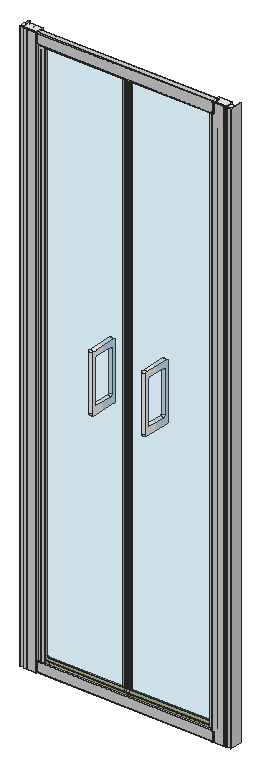
Revit family "TOPP2", category Plumbing Fixtures, Revit 2015
Parameters (values of type "700")
  URL = "http://www.sanswiss.com/"
  Type Comments = "TOP LINE"
  Seal = Seal
  Profile = Profile
  Model = "TOPP2"
  Manufacturer = "SanSwiss"
  Glass = Glass
  Aluminum = Aluminum
  A = 700 mm
Types (5, lengths in mm): name | A
  700 | 700
  1000 | 1000
  900 | 900
  750 | 750
  800 | 800
Reference planes
  plane 1 "Center (Front/Back)": y = 0
  plane 2: z = 0
  plane 3 "Center (Left/Right)": x = 0
  plane 4 "koniec": x = 700
  plane 5 "środek": x = 350
  plane 6: x = 693.077
  plane 7: x = 637.812
  plane 8: x = 622.997
  plane 9: x = 641.711
  plane 10: x = 621.994
  plane 11: x = 342.188
  plane 12: x = 357.788
  plane 13: x = 268.688
  plane 14: x = 431.288
  plane 15: x = 698.5
  plane 16: x = 645
Forms (mm)
  Sweep 1, solid, material "Profile" <- "Profile"
    path origin (0, 12.3, 2.5) x (0, 1, 0) y (0, 0, 1)
      loop
        line (0, 1898) -> (0, -2)
    profile origin (0, 12.3, 950.5) x (1, 0, 0) y (0, 1, 0)
      loop
        line (1.457, -9) -> (36.458, -9)
        arc (36.458, -9) -> (37.519, -8.561) -> (37.958, -7.5) r 1.5
        line (37.958, -7.5) -> (37.958, 7.5)
        arc (37.958, 7.5) -> (37.519, 8.561) -> (36.458, 9) r 1.5
        line (36.458, 9) -> (2.518, 9)
        arc (2.518, 9) -> (1.798, 9.298) -> (1.5, 10.018) r 1.018
        line (1.5, 10.018) -> (1.5, 27.3)
        arc (1.5, 27.3) -> (1.061, 28.361) -> (0, 28.8) r 1.5
        line (0, 28.8) -> (0, -7.543)
        arc (0, -7.543) -> (0.427, -8.573) -> (1.457, -9) r 1.457
  Sweep 2, solid, material "Profile" <- "Profile"
    path origin (0, 12.3, 2.5) x (0, 1, 0) y (0, 0, 1)
      loop
        line (0, 1900) -> (0, -2)
    profile origin (0, 12.3, 951.5) x (1, 0, 0) y (0, 1, 0)
      loop
        line (14.5, 9) -> (16, 9) -> (16, 10.8) -> (22.8, 10.8) -> (22.8, 9.2) -> (24.3, 9.2) -> (24.3, 10.8) -> (53.5, 10.8) -> (53.5, 5.5) -> (52.2, 5.5)
        arc (52.2, 5.5) -> (50.998, 5.002) -> (50.5, 3.8) r 1.7
        line (50.5, 3.8) -> (50.5, -10.8) -> (24.3, -10.8) -> (24.3, -9.2) -> (22.8, -9.2) -> (22.8, -10.8) -> (16, -10.8) -> (16, -9) -> (14.5, -9) -> (14.5, -10.8)
        arc (14.5, -10.8) -> (14.939, -11.861) -> (16, -12.3) r 1.5
        line (16, -12.3) -> (57.75, -12.3)
        arc (57.75, -12.3) -> (58.5, -11.55) -> (57.75, -10.8) r 0.75
        line (57.75, -10.8) -> (55, -10.8) -> (55, 10.8) -> (57.75, 10.8)
        arc (57.75, 10.8) -> (58.5, 11.55) -> (57.75, 12.3) r 0.75
        line (57.75, 12.3) -> (16, 12.3)
        arc (16, 12.3) -> (14.939, 11.861) -> (14.5, 10.8) r 1.5
        line (14.5, 10.8) -> (14.5, 9)
  Sweep 3, solid, material "Profile" <- "Profile"
    path origin (0, 0, 0) x (0, 1, 0) y (0, 0, 1)
      loop
        line (11.956, 1872) -> (11.956, 31)
    profile origin (0, 11.956, 951.5) x (1, 0, 0) y (0, 1, 0)
      loop
        line (69.875, 4.344) -> (75.346, 4.344)
        arc (75.346, 4.344) -> (75.852, 4.606) -> (75.931, 5.171) r 0.62
        arc (75.931, 5.171) -> (56.48, 1.825) -> (75.944, -1.445) r 10.01
        arc (75.944, -1.445) -> (75.867, -0.906) -> (75.382, -0.656) r 0.594
        line (75.382, -0.656) -> (69.875, -0.656)
        arc (69.875, -0.656) -> (62.188, 1.844) -> (69.875, 4.344) r 4.25
  Sweep 4, solid, material "Seal" <- "Seal"
    path origin (0, 0, 0) x (0, 1, 0) y (0, 0, 1)
      loop
        line (12.581, 1872) -> (12.581, 31)
    profile origin (0, 12.581, 951.5) x (1, 0, 0) y (0, 1, 0)
      loop
        line (55, 10.519) -> (55, -10.158) -> (62.742, -9.355)
        arc (62.742, -9.355) -> (63.121, -9.139) -> (63.217, -8.714) r 0.541
        arc (63.217, -8.714) -> (55.733, -0.542) -> (60.015, 9.678) r 10.281
        line (60.015, 9.678) -> (61.181, 9.706)
        arc (61.181, 9.706) -> (62.131, 10.244) -> (63.144, 10.65) r 8.177
        line (63.144, 10.65) -> (57.75, 10.519) -> (55, 10.519)
  Extrusion 5, solid, material "Glass" <- "Glass"
    sketch origin (-175.162, 1.619, 0) x (0, -1, 0) y (1, 0, 0)
      loop
        line (-14.681, 517.351) -> (-14.681, 237.35) -> (-9.681, 237.35) -> (-9.681, 517.351) -> (-14.681, 517.351)
    from 43.5 to 1857
  Sweep 6, solid, material "Seal" <- "Seal"
    path origin (342.188, 11.3, 0) x (0, 1, 0) y (0, 0, 1)
      loop
        line (1.405, 1857) -> (1.405, 52)
    profile origin (342.188, 12.705, 954.5) x (1, 0, 0) y (0, 1, 0)
      loop
        line (-6.168, 3.552) -> (-0.295, 4.377)
        arc (-0.295, 4.377) -> (0.423, 4.191) -> (0.8, 3.552) r 0.97
        line (0.8, 3.552) -> (0.8, -1.369)
        arc (0.8, -1.369) -> (0.423, -2.008) -> (-0.295, -2.194) r 0.97
        line (-0.295, -2.194) -> (-6.168, -1.369)
        arc (-6.168, -1.369) -> (-6.132, -2.181) -> (-5.479, -2.666) r 0.947
        line (-5.479, -2.666) -> (-0.512, -3.386)
        arc (-0.512, -3.386) -> (0.047, -3.395) -> (0.591, -3.263) r 2.201
        arc (0.591, -3.263) -> (2.489, -4.833) -> (4.884, -5.412) r 5.475
        arc (4.884, -5.412) -> (6.911, -4.812) -> (7.788, -2.888) r 2.549
        line (7.788, -2.888) -> (7.788, 5.071)
        arc (7.788, 5.071) -> (6.911, 6.995) -> (4.884, 7.595) r 2.549
        arc (4.884, 7.595) -> (2.489, 7.016) -> (0.591, 5.446) r 5.475
        arc (0.591, 5.446) -> (0.047, 5.578) -> (-0.512, 5.569) r 2.201
        line (-0.512, 5.569) -> (-5.479, 4.849)
        arc (-5.479, 4.849) -> (-6.132, 4.364) -> (-6.168, 3.552) r 0.947
  Extrusion 7, solid, material "Glass" <- "Glass"
    sketch origin (1075.162, 1.619, 0) x (0, 1, 0) y (-1, 0, 0)
      loop
        line (14.681, 717.374) -> (9.681, 717.374) -> (9.681, 437.35) -> (14.681, 437.35) -> (14.681, 717.374)
    from 43.5 to 1857
  Extrusion 8, solid, material "Aluminum" <- "Aluminum"
    sketch origin (0, 0, 0) x (1, 0, 0) y (0, 1, 0)
      loop
        line (34, 4.809) -> (34, 19.786)
        arc (34, 19.786) -> (33.557, 20.857) -> (32.486, 21.3) r 1.514
        line (32.486, 21.3) -> (1.499, 21.3)
        arc (1.499, 21.3) -> (0.439, 20.861) -> (0, 19.801) r 1.499
        line (0, 19.801) -> (0, 4.811)
        arc (0, 4.811) -> (0.443, 3.743) -> (1.511, 3.3) r 1.511
        line (1.511, 3.3) -> (32.491, 3.3)
        arc (32.491, 3.3) -> (33.558, 3.742) -> (34, 4.809) r 1.509
    from 1900.5 to 1901.5
  Extrusion 9, solid, material "Aluminum" <- "Aluminum"
    sketch origin (0, 0, 0) x (1, 0, 0) y (0, 1, 0)
      loop
        line (57.68, 24.6) -> (16.035, 24.6)
        arc (16.035, 24.6) -> (14.95, 24.15) -> (14.5, 23.065) r 1.535
        line (14.5, 23.065) -> (14.5, 21.214)
        arc (14.5, 21.214) -> (13.134, 21.025) -> (12.5, 19.8) r 1.5
        line (12.5, 19.8) -> (12.5, 4.8)
        arc (12.5, 4.8) -> (13.134, 3.575) -> (14.5, 3.386) r 1.5
        line (14.5, 3.386) -> (14.5, 1.474)
        arc (14.5, 1.474) -> (14.932, 0.432) -> (15.974, 0) r 1.474
        line (15.974, 0) -> (57.668, 0)
        arc (57.668, 0) -> (58.256, 0.244) -> (58.5, 0.832) r 0.832
        line (58.5, 0.832) -> (58.5, 23.78)
        arc (58.5, 23.78) -> (58.26, 24.36) -> (57.68, 24.6) r 0.82
    from 1902.5 to 1905
  Extrusion 10, solid, material "Profile" <- "Profile"
    sketch origin (751.265, 9.581, 1884.563) x (0, 0, -1) y (0, -1, 0)
      loop
        line (16.663, 8.081) -> (-16.898, 8.081)
        arc (-16.898, 8.081) -> (-17.633, 7.776) -> (-17.937, 7.041) r 1.04
        line (-17.937, 7.041) -> (-17.937, -8.904)
        arc (-17.937, -8.904) -> (-17.64, -9.622) -> (-16.922, -9.919) r 1.015
        line (-16.922, -9.919) -> (10.045, -9.919)
        arc (10.045, -9.919) -> (10.66, -9.711) -> (11.02, -9.171) r 1.01
        line (11.02, -9.171) -> (12.342, -4.239)
        arc (12.342, -4.239) -> (12.507, -3.407) -> (12.563, -2.56) r 6.486
        line (12.563, -2.56) -> (12.563, 6.281) -> (16.663, 6.281)
        arc (16.663, 6.281) -> (17.563, 7.181) -> (16.663, 8.081) r 0.9
    from 106.265 to 696.265
  Extrusion 11, solid, material "Profile" <- "Profile"
    sketch origin (751.265, 9.581, 18.437) x (0, 0, 1) y (0, 1, 0)
      loop
        arc (16.663, -8.081) -> (17.563, -7.181) -> (16.663, -6.281) r 0.9
        line (16.663, -6.281) -> (12.563, -6.281) -> (12.563, 3.414) -> (11.02, 9.171)
        arc (11.02, 9.171) -> (10.66, 9.711) -> (10.045, 9.919) r 1.01
        line (10.045, 9.919) -> (-16.922, 9.919)
        arc (-16.922, 9.919) -> (-17.64, 9.622) -> (-17.937, 8.904) r 1.015
        line (-17.937, 8.904) -> (-17.937, -7.041)
        arc (-17.937, -7.041) -> (-17.633, -7.776) -> (-16.898, -8.081) r 1.04
        line (-16.898, -8.081) -> (16.663, -8.081)
    from 106.265 to 696.265
  Extrusion 12, solid, material "Seal" <- "Seal"
    sketch origin (836, 16.075, 39.524) x (0, 0, 1) y (0, -1, 0)
      loop
        line (1.917, -3.558) -> (-13.17, -5.327)
        arc (-13.17, -5.327) -> (-13.521, -5.771) -> (-13.077, -6.121) r 0.4
        line (-13.077, -6.121) -> (1.54, -4.408)
        arc (1.54, -4.408) -> (1.988, -4.593) -> (2.173, -5.041) r 0.633
        line (2.173, -5.041) -> (1.607, -7.261)
        arc (1.607, -7.261) -> (2.076, -8.051) -> (2.866, -7.582) r 0.65
        line (2.866, -7.582) -> (4.256, -2.137)
        arc (4.256, -2.137) -> (4.465, -1.803) -> (4.83, -1.652) r 0.648
        line (4.83, -1.652) -> (11.736, -1.074)
        arc (11.736, -1.074) -> (12.33, -0.372) -> (11.628, 0.222) r 0.65
        line (11.628, 0.222) -> (1.561, -0.62)
        arc (1.561, -0.62) -> (0.8, -0.36) -> (0.476, 0.378) r 1.002
        line (0.476, 0.378) -> (0.476, 4.593)
        arc (0.476, 4.593) -> (0.794, 5.317) -> (1.542, 5.574) r 0.984
        line (1.542, 5.574) -> (12.003, 4.699)
        arc (12.003, 4.699) -> (12.705, 5.292) -> (12.112, 5.994) r 0.65
        line (12.112, 5.994) -> (2.047, 6.836) -> (1.218, 6.859)
        arc (1.218, 6.859) -> (-0.239, 6.107) -> (-0.824, 4.576) r 2.297
        line (-0.824, 4.576) -> (-0.824, 3.078)
        arc (-0.824, 3.078) -> (-2.089, 2.679) -> (-3.401, 2.876) r 2.942
        line (-3.401, 2.876) -> (-11.579, 2.876) -> (-11.793, 2.076) -> (-3.401, 2.076)
        arc (-3.401, 2.076) -> (-2.089, 2.273) -> (-0.824, 1.874) r 2.942
        line (-0.824, 1.874) -> (-0.824, 0.376)
        arc (-0.824, 0.376) -> (-0.239, -1.156) -> (1.218, -1.907) r 2.297
        arc (1.218, -1.907) -> (1.755, -2.653) -> (1.917, -3.558) r 2.076
    from -486 to -213.003
  Extrusion 13, solid, material "Aluminum" <- "Aluminum"
    sketch origin (899.994, 0, 0) x (-1, 0, 0) y (0, -1, 0)
      loop
        arc (234, -4.809) -> (233.558, -3.742) -> (232.491, -3.3) r 1.509
        line (232.491, -3.3) -> (201.511, -3.3)
        arc (201.511, -3.3) -> (200.443, -3.743) -> (200, -4.811) r 1.511
        line (200, -4.811) -> (200, -19.801)
        arc (200, -19.801) -> (200.439, -20.861) -> (201.499, -21.3) r 1.499
        line (201.499, -21.3) -> (232.486, -21.3)
        arc (232.486, -21.3) -> (233.557, -20.857) -> (234, -19.786) r 1.514
        line (234, -19.786) -> (234, -4.809)
    from 1900.5 to 1901.5
  Extrusion 14, solid, material "Aluminum" <- "Aluminum"
    sketch origin (899.994, 0, 0) x (-1, 0, 0) y (0, -1, 0)
      loop
        arc (257.68, -24.6) -> (258.26, -24.36) -> (258.5, -23.78) r 0.82
        line (258.5, -23.78) -> (258.5, -0.832)
        arc (258.5, -0.832) -> (258.256, -0.244) -> (257.668, 0) r 0.832
        line (257.668, 0) -> (215.974, 0)
        arc (215.974, 0) -> (214.932, -0.432) -> (214.5, -1.474) r 1.474
        line (214.5, -1.474) -> (214.5, -3.386)
        arc (214.5, -3.386) -> (213.134, -3.575) -> (212.5, -4.8) r 1.5
        line (212.5, -4.8) -> (212.5, -19.8)
        arc (212.5, -19.8) -> (213.134, -21.025) -> (214.5, -21.214) r 1.5
        line (214.5, -21.214) -> (214.5, -23.065)
        arc (214.5, -23.065) -> (214.95, -24.15) -> (216.035, -24.6) r 1.535
        line (216.035, -24.6) -> (257.68, -24.6)
    from 1902.5 to 1905
  Extrusion 15, solid, material "Aluminum" <- "Aluminum"
    sketch origin (1.5, 22.318, 1900.5) x (0, 0, -1) y (0, 1, 0)
      loop
        circle (100, 8.982) r 6.734
    from 0 to 5.417
  Extrusion 16, solid, material "Aluminum" <- "Aluminum"
    sketch origin (1.5, 22.318, 1051.472) x (0, 0, -1) y (0, 1, 0)
      loop
        circle (102, 8.982) r 6.734
    from 0 to 5.417
  Extrusion 17, solid, material "Aluminum" <- "Aluminum"
    sketch origin (1.5, 22.318, 202.454) x (0, 0, -1) y (0, 1, 0)
      loop
        circle (102, 8.982) r 6.734
    from 0 to 5.417
  Extrusion 18, solid, material "Aluminum" <- "Aluminum"
    sketch origin (898.494, 22.318, 1898) x (0, 0, -1) y (0, -1, 0)
      loop
        circle (100, -8.982) r 6.734
    from 199.994 to 205.418
  Extrusion 19, solid, material "Aluminum" <- "Aluminum"
    sketch origin (898.494, 22.318, 1048.972) x (0, 0, -1) y (0, -1, 0)
      loop
        circle (100, -8.982) r 6.734
    from 199.994 to 205.418
  Extrusion 20, solid, material "Aluminum" <- "Aluminum"
    sketch origin (898.494, 22.318, 199.954) x (0, 0, -1) y (0, -1, 0)
      loop
        circle (100, -8.982) r 6.734
    from 199.994 to 205.418
  Sweep 21, solid, material "Profile" <- "Profile"
    path origin (700, 0, 2.5) x (0, 1, 0) y (0, 0, 1)
      loop
        line (7.753, 1898) -> (7.753, -2)
    profile origin (700, 7.753, 950.5) x (1, 0, 0) y (0, 1, 0)
      loop
        arc (-1.457, -4.453) -> (-0.427, -4.027) -> (0, -2.996) r 1.457
        line (0, -2.996) -> (0, 33.347)
        arc (0, 33.347) -> (-1.061, 32.907) -> (-1.5, 31.847) r 1.5
        line (-1.5, 31.847) -> (-1.5, 14.564)
        arc (-1.5, 14.564) -> (-1.798, 13.845) -> (-2.518, 13.547) r 1.018
        line (-2.518, 13.547) -> (-36.458, 13.547)
        arc (-36.458, 13.547) -> (-37.519, 13.107) -> (-37.958, 12.047) r 1.5
        line (-37.958, 12.047) -> (-37.958, -2.953)
        arc (-37.958, -2.953) -> (-37.519, -4.014) -> (-36.458, -4.453) r 1.5
        line (-36.458, -4.453) -> (-1.457, -4.453)
  Sweep 22, solid, material "Profile" <- "Profile"
    path origin (700, 0, 2.5) x (0, 1, 0) y (0, 0, 1)
      loop
        line (8.3, 1900) -> (8.3, -2)
    profile origin (700, 8.3, 951.5) x (1, 0, 0) y (0, 1, 0)
      loop
        line (-14.5, 13) -> (-14.5, 14.8)
        arc (-14.5, 14.8) -> (-14.939, 15.861) -> (-16, 16.3) r 1.5
        line (-16, 16.3) -> (-57.75, 16.3)
        arc (-57.75, 16.3) -> (-58.5, 15.55) -> (-57.75, 14.8) r 0.75
        line (-57.75, 14.8) -> (-55, 14.8) -> (-55, -6.8) -> (-57.75, -6.8)
        arc (-57.75, -6.8) -> (-58.5, -7.55) -> (-57.75, -8.3) r 0.75
        line (-57.75, -8.3) -> (-16, -8.3)
        arc (-16, -8.3) -> (-14.939, -7.861) -> (-14.5, -6.8) r 1.5
        line (-14.5, -6.8) -> (-14.5, -5) -> (-16, -5) -> (-16, -6.8) -> (-22.8, -6.8) -> (-22.8, -5.2) -> (-24.3, -5.2) -> (-24.3, -6.8) -> (-50.5, -6.8) -> (-50.5, 7.8)
        arc (-50.5, 7.8) -> (-50.998, 9.002) -> (-52.2, 9.5) r 1.7
        line (-52.2, 9.5) -> (-53.5, 9.5) -> (-53.5, 14.8) -> (-24.3, 14.8) -> (-24.3, 13.2) -> (-22.8, 13.2) -> (-22.8, 14.8) -> (-16, 14.8) -> (-16, 13) -> (-14.5, 13)
  Sweep 23, solid, material "Seal" <- "Seal"
    path origin (700, 0, 0) x (0, 1, 0) y (0, 0, 1)
      loop
        line (6.539, 1872) -> (6.539, 31)
    profile origin (700, 6.539, 951.5) x (1, 0, 0) y (0, 1, 0)
      loop
        line (-55, 16.561) -> (-57.75, 16.561) -> (-63.144, 16.692)
        arc (-63.144, 16.692) -> (-62.131, 16.286) -> (-61.181, 15.748) r 8.177
        line (-61.181, 15.748) -> (-60.015, 15.72)
        arc (-60.015, 15.72) -> (-55.733, 5.5) -> (-63.217, -2.672) r 10.281
        arc (-63.217, -2.672) -> (-63.121, -3.097) -> (-62.742, -3.314) r 0.541
        line (-62.742, -3.314) -> (-55, -4.117) -> (-55, 16.561)
  Sweep 24, solid, material "Profile" <- "Profile"
    path origin (700, 0, 0) x (0, 1, 0) y (0, 0, 1)
      loop
        line (8.358, 1872) -> (8.358, 31)
    profile origin (700, 8.358, 951.5) x (1, 0, 0) y (0, 1, 0)
      loop
        arc (-69.875, 7.942) -> (-62.188, 5.442) -> (-69.875, 2.942) r 4.25
        line (-69.875, 2.942) -> (-75.382, 2.942)
        arc (-75.382, 2.942) -> (-75.867, 2.692) -> (-75.944, 2.152) r 0.594
        arc (-75.944, 2.152) -> (-56.48, 5.422) -> (-75.931, 8.769) r 10.01
        arc (-75.931, 8.769) -> (-75.852, 8.204) -> (-75.346, 7.942) r 0.62
        line (-75.346, 7.942) -> (-69.875, 7.942)
  Sweep 25, solid, material "Seal" <- "Seal"
    path origin (350, 0, 0) x (0, -1, 0) y (0, 0, 1)
      loop
        line (-8.3, 1857) -> (-8.3, 52)
    profile origin (350, 8.3, 954.5) x (-1, 0, 0) y (0, -1, 0)
      loop
        arc (-13.957, -7.956) -> (-13.92, -8.769) -> (-13.267, -9.253) r 0.947
        line (-13.267, -9.253) -> (-8.3, -9.973)
        arc (-8.3, -9.973) -> (-7.741, -9.982) -> (-7.198, -9.851) r 2.201
        arc (-7.198, -9.851) -> (-5.299, -11.421) -> (-2.904, -12) r 5.475
        arc (-2.904, -12) -> (-0.877, -11.399) -> (0, -9.475) r 2.549
        line (0, -9.475) -> (0, -1.517)
        arc (0, -1.517) -> (-0.877, 0.407) -> (-2.904, 1.008) r 2.549
        arc (-2.904, 1.008) -> (-5.299, 0.429) -> (-7.198, -1.141) r 5.475
        arc (-7.198, -1.141) -> (-7.741, -1.009) -> (-8.3, -1.019) r 2.201
        line (-8.3, -1.019) -> (-13.267, -1.738)
        arc (-13.267, -1.738) -> (-13.92, -2.223) -> (-13.957, -3.036) r 0.947
        line (-13.957, -3.036) -> (-8.084, -2.21)
        arc (-8.084, -2.21) -> (-7.365, -2.396) -> (-6.988, -3.036) r 0.97
        line (-6.988, -3.036) -> (-6.988, -7.956)
        arc (-6.988, -7.956) -> (-7.365, -8.596) -> (-8.084, -8.782) r 0.97
        line (-8.084, -8.782) -> (-13.957, -7.956)
  Extrusion 26, solid, material "Seal" <- "Seal"
    sketch origin (-136, 16.075, 39.524) x (0, 0, 1) y (0, 1, 0)
      loop
        arc (1.917, 3.558) -> (1.755, 2.653) -> (1.218, 1.907) r 2.076
        arc (1.218, 1.907) -> (-0.239, 1.156) -> (-0.824, -0.376) r 2.297
        line (-0.824, -0.376) -> (-0.824, -1.874)
        arc (-0.824, -1.874) -> (-2.089, -2.273) -> (-3.401, -2.076) r 2.942
        line (-3.401, -2.076) -> (-11.793, -2.076) -> (-11.579, -2.876) -> (-3.401, -2.876)
        arc (-3.401, -2.876) -> (-2.089, -2.679) -> (-0.824, -3.078) r 2.942
        line (-0.824, -3.078) -> (-0.824, -4.576)
        arc (-0.824, -4.576) -> (-0.239, -6.107) -> (1.218, -6.859) r 2.297
        line (1.218, -6.859) -> (2.047, -6.836) -> (11.925, -6.01)
        arc (11.925, -6.01) -> (12.518, -5.308) -> (11.816, -4.714) r 0.65
        line (11.816, -4.714) -> (1.542, -5.574)
        arc (1.542, -5.574) -> (0.794, -5.317) -> (0.476, -4.593) r 0.984
        line (0.476, -4.593) -> (0.476, -0.378)
        arc (0.476, -0.378) -> (0.8, 0.36) -> (1.561, 0.62) r 1.002
        line (1.561, 0.62) -> (11.706, -0.228)
        arc (11.706, -0.228) -> (12.408, 0.365) -> (11.814, 1.067) r 0.65
        line (11.814, 1.067) -> (4.83, 1.652)
        arc (4.83, 1.652) -> (4.465, 1.803) -> (4.256, 2.137) r 0.648
        line (4.256, 2.137) -> (2.874, 7.554)
        arc (2.874, 7.554) -> (2.083, 8.023) -> (1.614, 7.233) r 0.65
        line (1.614, 7.233) -> (2.173, 5.041)
        arc (2.173, 5.041) -> (1.988, 4.593) -> (1.54, 4.408) r 0.633
        line (1.54, 4.408) -> (-13.077, 6.121)
        arc (-13.077, 6.121) -> (-13.521, 5.771) -> (-13.17, 5.327) r 0.4
        line (-13.17, 5.327) -> (1.917, 3.558)
    from -486 to -213.003
Dimensions and locks
  "A": plane 3 "Center (Left/Right)" to plane 4 "koniec"
  locked: plane 6 to plane 4 "koniec" at 6.923
  locked: plane 7 to plane 4 "koniec" at 62.188
  locked: plane 8 to plane 4 "koniec" at 77.003
  plane 10 to plane 9 to plane 4 "koniec" = 19.716 mm locked, 58.289 mm locked
  locked: plane 11 to plane 5 "środek" at 7.812
  locked: plane 5 "środek" to plane 12 at 7.788
  locked: plane 13 to plane 5 "środek" at 81.312
  locked: plane 5 "środek" to plane 14 at 81.288
  equal spacing: plane 3 "Center (Left/Right)", plane 5 "środek", plane 4 "koniec"
  locked: plane 15 to plane 4 "koniec" at 1.5
  locked: plane 16 to plane 4 "koniec" at 55
  aligned and locked: level to plane 2
  aligned and locked: plane 6 to Extrusion 19
  aligned and locked: plane 6 to Extrusion 20
  aligned and locked: plane 7 to Extrusion 7
  aligned and locked: plane 8 to Extrusion 12
  aligned and locked: Sweep 22 to Extrusion 11
  aligned and locked: Extrusion 5 to plane 11
  aligned and locked: plane 12 to Extrusion 7
  aligned and locked: plane 13 to nested 1
  aligned and locked: plane 14 to nested 2
  aligned and locked: Extrusion 19 to plane 15
  aligned and locked: Extrusion 20 to plane 15
  aligned and locked: plane 6 to Extrusion 18
  aligned and locked: Extrusion 18 to plane 15
  aligned and locked: Sweep 22 to plane 16
  aligned and locked: plane 16 to Extrusion 10
  aligned and locked: Extrusion 26 to plane 5 "środek"
  aligned and locked: plane 5 "środek" to Extrusion 12
Automatic sketch dimensions
  level to Sweep 1 sketch curve = 0.5 mm
  Sweep 1 sketch curve to plane 1 "Center (Front/Back)" = 12.3 mm
  level to Sweep 1 sketch curve = 1900.5 mm
  level to Sweep 2 sketch curve = 0.5 mm
  Sweep 2 sketch curve to plane 1 "Center (Front/Back)" = 12.3 mm
  level to Sweep 2 sketch curve = 1902.5 mm
  plane 3 "Center (Left/Right)" to Sweep 2 sketch curve = 14.5 mm  (x2)
  Sweep 2 sketch curve to Sweep 2 sketch curve = 1.5 mm  (x4)
  Sweep 2 sketch curve to Sweep 2 sketch curve = 0 mm  (x7)
  Sweep 2 sketch curve to Sweep 2 sketch curve = 6.8 mm  (x2)
  Sweep 2 sketch curve to Sweep 2 sketch curve = 26.2 mm
  Sweep 2 sketch curve to Sweep 2 sketch curve = 1.7 mm
  Sweep 2 sketch curve to Sweep 2 sketch curve = 1.3 mm
  Sweep 2 sketch curve to Sweep 2 sketch curve = 4.5 mm
  Sweep 2 sketch curve to Sweep 2 sketch curve = 2.75 mm  (x2)
  profile plane to Sweep 2 sketch curve = 12.3 mm
  Sweep 2 sketch curve to Sweep 2 sketch curve = 0.75 mm
  Sweep 2 sketch curve to Sweep 2 sketch curve = 1.6 mm
  Sweep 2 sketch curve to Sweep 2 sketch curve = 1.8 mm  (x2)
  Sweep 2 sketch curve to profile plane = 3.8 mm
  Sweep 2 sketch curve to profile plane = 9 mm
  Sweep 2 sketch curve to Sweep 2 sketch curve = 0.2 mm
  Sweep 3 sketch curve to plane 1 "Center (Front/Back)" = 11.956 mm
  level to Sweep 3 sketch curve = 31 mm
  Sweep 3 sketch curve to Sweep 3 sketch curve = 1841 mm
  Sweep 3 sketch curve to profile plane = 1.844 mm
  plane 3 "Center (Left/Right)" to Sweep 3 sketch curve = 66.438 mm
  Sweep 3 sketch curve to Sweep 3 sketch curve = 0.052 mm
  profile plane to Sweep 3 sketch curve = 0.656 mm
  Sweep 3 sketch curve to Sweep 3 sketch curve = 3.385 mm  (x2)
  Sweep 3 sketch curve to Sweep 3 sketch curve = 5.471 mm
  profile plane to Sweep 3 sketch curve = 1.25 mm
  Sweep 3 sketch curve to Sweep 3 sketch curve = 5.507 mm
  Sweep 3 sketch curve to Sweep 3 sketch curve = 0 mm  (x2)
  Sweep 3 sketch curve to Sweep 3 sketch curve = 0.62 mm
  Sweep 4 sketch curve to plane 1 "Center (Front/Back)" = 12.581 mm
  level to Sweep 4 sketch curve = 31 mm
  Sweep 4 sketch curve to Sweep 4 sketch curve = 1841 mm
  Sweep 4 sketch curve to profile plane = 9.678 mm
  Sweep 4 sketch curve to profile plane = 9.706 mm
  Sweep 4 sketch curve to Sweep 4 sketch curve = 1.166 mm
  profile plane to Sweep 4 sketch curve = 9.355 mm
  Sweep 4 sketch curve to Sweep 4 sketch curve = 0.056 mm
  Sweep 4 sketch curve to Sweep 4 sketch curve = 1.963 mm
  Sweep 4 sketch curve to profile plane = 2.875 mm
  Sweep 4 sketch curve to Sweep 4 sketch curve = 0.185 mm
  Extrusion 5 sketch curve to plane 11 = 0 mm
  Extrusion 5 sketch curve to plane 1 "Center (Front/Back)" = 16.3 mm
  Extrusion 5 sketch curve to Extrusion 5 sketch curve = 5 mm
  plane 3 "Center (Left/Right)" to Extrusion 5 sketch curve = 62.188 mm
  Extrusion 5 to Sweep 6 sketch curve = 0 mm
  Extrusion 5 to Sweep 6 sketch curve = 1.405 mm
  Extrusion 5 to Sweep 6 sketch curve = 8.5 mm
  Sweep 6 sketch curve to profile plane = 3.552 mm
  Sweep 6 sketch curve to profile plane = 6.168 mm
  profile plane to Sweep 6 sketch curve = 1.369 mm  (x2)
  Sweep 6 sketch curve to Sweep 6 sketch curve = 0 mm  (x2)
  Sweep 6 sketch curve to Sweep 6 sketch curve = 0.69 mm  (x2)
  Sweep 6 sketch curve to Sweep 6 sketch curve = 0.183 mm  (x2)
  Sweep 6 sketch curve to profile plane = 0.512 mm  (x2)
  Sweep 6 sketch curve to profile plane = 0.295 mm  (x2)
  Sweep 6 sketch curve to profile plane = 0.196 mm  (x2)
  Sweep 6 sketch curve to Sweep 6 sketch curve = 0.036 mm  (x2)
  Sweep 6 sketch curve to profile plane = 0.063 mm
  Sweep 6 sketch curve to Sweep 6 sketch curve = 0.368 mm  (x2)
  Sweep 6 sketch curve to Sweep 6 sketch curve = 1.192 mm  (x2)
  Sweep 6 sketch curve to Sweep 6 sketch curve = 0.026 mm  (x2)
  Sweep 6 sketch curve to Sweep 6 sketch curve = 2.058 mm
  Sweep 6 sketch curve to profile plane = 3.391 mm
  Sweep 6 sketch curve to Sweep 6 sketch curve = 0.135 mm
  Sweep 6 sketch curve to Sweep 6 sketch curve = 1.102 mm  (x2)
  Extrusion 7 sketch curve to plane 12 = 0 mm
  Extrusion 7 sketch curve to plane 7 = 0 mm
  Extrusion 7 sketch curve to plane 1 "Center (Front/Back)" = 11.3 mm
  Extrusion 7 sketch curve to Extrusion 7 sketch curve = 5 mm
  Extrusion 8 sketch curve to plane 3 "Center (Left/Right)" = 0 mm
  plane 3 "Center (Left/Right)" to Extrusion 8 sketch curve = 1.499 mm
  plane 3 "Center (Left/Right)" to Extrusion 8 sketch curve = 1.511 mm
  Extrusion 8 sketch curve to plane 1 "Center (Front/Back)" = 19.786 mm
  Extrusion 8 sketch curve to Extrusion 8 sketch curve = 30.987 mm
  Extrusion 8 sketch curve to plane 1 "Center (Front/Back)" = 4.809 mm
  Extrusion 8 sketch curve to Extrusion 8 sketch curve = 0.005 mm
  Extrusion 8 sketch curve to Extrusion 8 sketch curve = 1.514 mm
  plane 1 "Center (Front/Back)" to Extrusion 9 sketch curve = 0 mm
  plane 3 "Center (Left/Right)" to Extrusion 9 sketch curve = 12.5 mm
  Extrusion 9 sketch curve to Extrusion 9 sketch curve = 1.5 mm  (x2)
  Extrusion 9 sketch curve to plane 1 "Center (Front/Back)" = 1.474 mm
  Extrusion 9 sketch curve to Extrusion 9 sketch curve = 0.5 mm  (x2)
  Extrusion 9 sketch curve to Extrusion 9 sketch curve = 1.535 mm
  Extrusion 9 sketch curve to plane 1 "Center (Front/Back)" = 0.832 mm
  Extrusion 9 sketch curve to Extrusion 9 sketch curve = 41.694 mm
  Extrusion 9 sketch curve to Extrusion 9 sketch curve = 0.82 mm
  Extrusion 9 sketch curve to Extrusion 9 sketch curve = 1.912 mm
  Extrusion 9 sketch curve to Extrusion 9 sketch curve = 15 mm
  Extrusion 9 sketch curve to Extrusion 9 sketch curve = 1.851 mm
  Extrusion 10 sketch curve to plane 1 "Center (Front/Back)" = 2.54 mm
  level to Extrusion 10 sketch curve = 1902.5 mm
  Extrusion 10 sketch curve to Extrusion 10 sketch curve = 1.015 mm
  Extrusion 10 sketch curve to Extrusion 10 sketch curve = 1.04 mm
  Extrusion 10 sketch curve to Extrusion 10 sketch curve = 22.999 mm
  Extrusion 10 sketch curve to Extrusion 10 sketch curve = 3.968 mm
  Extrusion 10 sketch curve to plane 1 "Center (Front/Back)" = 18.751 mm
  Extrusion 10 sketch curve to Extrusion 10 sketch curve = 0.976 mm
  Extrusion 10 sketch curve to plane 1 "Center (Front/Back)" = 13.82 mm
  Extrusion 10 sketch curve to Extrusion 10 sketch curve = 1.321 mm
  Extrusion 10 sketch curve to plane 1 "Center (Front/Back)" = 3.3 mm
  Extrusion 10 sketch curve to Extrusion 10 sketch curve = 0.221 mm
  Extrusion 10 sketch curve to Extrusion 10 sketch curve = 4.1 mm
  Extrusion 10 sketch curve to Extrusion 10 sketch curve = 0.749 mm
  level to Extrusion 11 sketch curve = 0.5 mm
  Extrusion 11 sketch curve to Extrusion 11 sketch curve = 1.015 mm
  Extrusion 11 sketch curve to Extrusion 11 sketch curve = 1.04 mm
  Extrusion 11 sketch curve to Extrusion 11 sketch curve = 26.967 mm
  Extrusion 11 sketch curve to plane 1 "Center (Front/Back)" = 18.751 mm
  Extrusion 11 sketch curve to Extrusion 11 sketch curve = 0.976 mm
  Extrusion 11 sketch curve to plane 1 "Center (Front/Back)" = 12.995 mm
  Extrusion 11 sketch curve to Extrusion 11 sketch curve = 1.542 mm
  Extrusion 11 sketch curve to Extrusion 11 sketch curve = 4.1 mm
  Extrusion 11 sketch curve to plane 1 "Center (Front/Back)" = 3.3 mm
  Extrusion 11 sketch curve to plane 1 "Center (Front/Back)" = 2.54 mm
  Extrusion 11 sketch curve to Extrusion 11 sketch curve = 15.945 mm
  plane 4 "koniec" to Extrusion 13 sketch curve = 0.006 mm
  Extrusion 13 sketch curve to plane 15 = 0.005 mm
  Extrusion 13 sketch curve to plane 15 = 0.017 mm
  Extrusion 13 sketch curve to plane 16 = 22.508 mm
  plane 1 "Center (Front/Back)" to Extrusion 13 sketch curve = 4.809 mm
  Extrusion 13 sketch curve to Extrusion 13 sketch curve = 0.005 mm
  Extrusion 13 sketch curve to Extrusion 13 sketch curve = 1.514 mm
  Extrusion 13 sketch curve to Extrusion 13 sketch curve = 14.977 mm
  plane 1 "Center (Front/Back)" to Extrusion 14 sketch curve = 0 mm
  Extrusion 14 sketch curve to plane 6 = 5.583 mm
  Extrusion 14 sketch curve to Extrusion 14 sketch curve = 1.5 mm  (x2)
  plane 1 "Center (Front/Back)" to Extrusion 14 sketch curve = 1.474 mm
  Extrusion 14 sketch curve to Extrusion 14 sketch curve = 0.5 mm  (x2)
  Extrusion 14 sketch curve to Extrusion 14 sketch curve = 1.535 mm
  Extrusion 14 sketch curve to plane 9 = 0.616 mm
  Extrusion 14 sketch curve to plane 9 = 0.604 mm
  plane 9 to Extrusion 14 sketch curve = 0.216 mm
  Extrusion 14 sketch curve to Extrusion 14 sketch curve = 1.912 mm
  Extrusion 14 sketch curve to Extrusion 14 sketch curve = 15 mm
  Extrusion 14 sketch curve to Extrusion 14 sketch curve = 1.851 mm
  Sweep 1 to Extrusion 15 sketch curve = 8.982 mm
  Sweep 1 to Extrusion 15 sketch curve = 100 mm
  Sweep 1 to Extrusion 16 sketch curve = 8.982 mm
  Sweep 1 to Extrusion 16 sketch curve = 948.972 mm
  Sweep 1 to Extrusion 17 sketch curve = 8.982 mm
  Sweep 1 to Extrusion 17 sketch curve = 99.954 mm
  Extrusion 18 sketch curve to plane 1 "Center (Front/Back)" = 31.3 mm
  level to Extrusion 18 sketch curve = 1798 mm
  Extrusion 19 sketch curve to plane 1 "Center (Front/Back)" = 31.3 mm
  level to Extrusion 19 sketch curve = 948.972 mm
  Extrusion 20 sketch curve to plane 1 "Center (Front/Back)" = 31.3 mm
  level to Extrusion 20 sketch curve = 99.954 mm
  level to Sweep 21 sketch curve = 0.5 mm
  Sweep 21 sketch curve to plane 1 "Center (Front/Back)" = 7.753 mm
  Sweep 21 sketch curve to Sweep 21 sketch curve = 1900 mm
  level to Sweep 22 sketch curve = 0.5 mm
  Sweep 22 sketch curve to plane 1 "Center (Front/Back)" = 8.3 mm
  level to Sweep 22 sketch curve = 1902.5 mm
  profile plane to Sweep 22 sketch curve = 7.55 mm
  Sweep 22 sketch curve to plane 4 "koniec" = 57.75 mm
  Sweep 22 sketch curve to Sweep 22 sketch curve = 0 mm  (x8)
  Sweep 22 sketch curve to Sweep 22 sketch curve = 2.75 mm
  Sweep 22 sketch curve to Sweep 22 sketch curve = 1.5 mm  (x5)
  Sweep 22 sketch curve to Sweep 22 sketch curve = 1.3 mm
  Sweep 22 sketch curve to Sweep 22 sketch curve = 1.7 mm
  Sweep 22 sketch curve to plane 4 "koniec" = 24.3 mm
  profile plane to Sweep 22 sketch curve = 6.8 mm
  Sweep 22 sketch curve to Sweep 22 sketch curve = 6.8 mm  (x2)
  Sweep 22 sketch curve to Sweep 22 sketch curve = 0.75 mm
  Sweep 22 sketch curve to Sweep 22 sketch curve = 1.6 mm
  Sweep 22 sketch curve to Sweep 22 sketch curve = 1.8 mm  (x2)
  Sweep 22 sketch curve to profile plane = 7.8 mm
  Sweep 22 sketch curve to profile plane = 13 mm
  Sweep 22 sketch curve to Sweep 22 sketch curve = 0.2 mm
  Sweep 23 sketch curve to plane 1 "Center (Front/Back)" = 6.539 mm
  level to Sweep 23 sketch curve = 31 mm
  Sweep 23 sketch curve to Sweep 23 sketch curve = 1841 mm
  Sweep 23 sketch curve to profile plane = 7.263 mm
  Sweep 23 sketch curve to plane 4 "koniec" = 65.861 mm
  Sweep 23 sketch curve to profile plane = 16.692 mm
  Sweep 23 sketch curve to Sweep 23 sketch curve = 2.532 mm
  Sweep 23 sketch curve to Sweep 23 sketch curve = 0.475 mm
  Sweep 23 sketch curve to Sweep 23 sketch curve = 0.531 mm
  Sweep 23 sketch curve to profile plane = 15.748 mm
  Sweep 23 sketch curve to Sweep 23 sketch curve = 1.963 mm
  Sweep 23 sketch curve to Sweep 23 sketch curve = 1.166 mm
  Sweep 23 sketch curve to profile plane = 16.561 mm
  profile plane to Sweep 23 sketch curve = 4.117 mm
  Sweep 24 sketch curve to plane 1 "Center (Front/Back)" = 8.358 mm
  level to Sweep 24 sketch curve = 31 mm
  Sweep 24 sketch curve to Sweep 24 sketch curve = 1841 mm
  Sweep 24 sketch curve to profile plane = 2.942 mm
  Sweep 24 sketch curve to plane 4 "koniec" = 75.382 mm
  Sweep 24 sketch curve to Sweep 24 sketch curve = 0.037 mm
  Sweep 24 sketch curve to Sweep 24 sketch curve = 5.507 mm
  Sweep 24 sketch curve to Sweep 24 sketch curve = 0 mm  (x3)
  Sweep 24 sketch curve to Sweep 24 sketch curve = 3.385 mm
  Sweep 24 sketch curve to Sweep 24 sketch curve = 0.052 mm
  Sweep 24 sketch curve to Sweep 24 sketch curve = 0.594 mm
  Sweep 24 sketch curve to Sweep 24 sketch curve = 2.5 mm
  Sweep 24 sketch curve to Sweep 24 sketch curve = 0.62 mm
  Sweep 25 sketch curve to plane 1 "Center (Front/Back)" = 8.3 mm
  level to Sweep 25 sketch curve = 52 mm
  Sweep 25 sketch curve to Sweep 25 sketch curve = 1805 mm
  Sweep 25 sketch curve to plane 5 "środek" = 0 mm
  Sweep 25 sketch curve to Sweep 25 sketch curve = 0.036 mm  (x2)
  profile plane to Sweep 25 sketch curve = 2.21 mm
  Sweep 25 sketch curve to Sweep 25 sketch curve = 0.216 mm  (x2)
  profile plane to Sweep 25 sketch curve = 1.019 mm
  Sweep 25 sketch curve to Sweep 25 sketch curve = 5 mm  (x2)
  profile plane to Sweep 25 sketch curve = 1.738 mm
  Sweep 25 sketch curve to Sweep 25 sketch curve = 0.183 mm  (x2)
  profile plane to Sweep 25 sketch curve = 3.036 mm
  Sweep 25 sketch curve to Sweep 25 sketch curve = 0.873 mm  (x2)
  profile plane to Sweep 25 sketch curve = 7.956 mm
  Sweep 25 sketch curve to Sweep 25 sketch curve = 0.368 mm
  Sweep 25 sketch curve to Sweep 25 sketch curve = 1.192 mm
  Sweep 25 sketch curve to Sweep 25 sketch curve = 0.026 mm  (x2)
  Sweep 25 sketch curve to Sweep 25 sketch curve = 2.058 mm
  Sweep 25 sketch curve to Sweep 25 sketch curve = 0.987 mm
  Sweep 4 sketch curve to Sweep 4 sketch curve = 2.75 mm
  Sweep 4 sketch curve to Sweep 4 sketch curve = 3.431 mm
  Sweep 4 sketch curve to Sweep 4 sketch curve = 0.842 mm
  Sweep 4 sketch curve to Sweep 4 sketch curve = 0.531 mm
  Sweep 4 sketch curve to Sweep 4 sketch curve = 0.538 mm
  Sweep 4 sketch curve to Sweep 4 sketch curve = 0.803 mm
  Sweep 4 sketch curve to profile plane = 1.221 mm
  plane 3 "Center (Left/Right)" to Sweep 4 sketch curve = 55 mm
  Sweep 4 sketch curve to Sweep 4 sketch curve = 8.217 mm
  Sweep 23 sketch curve to Sweep 23 sketch curve = 0.538 mm
  profile plane to Sweep 23 sketch curve = 2.672 mm
  Sweep 23 sketch curve to Sweep 23 sketch curve = 2.265 mm
  Sweep 23 sketch curve to Sweep 23 sketch curve = 2.75 mm
  Sweep 23 sketch curve to Sweep 23 sketch curve = 0.185 mm
  Sweep 23 sketch curve to Sweep 23 sketch curve = 3.119 mm
  level to Extrusion 26 sketch curve = 26.353 mm
  Extrusion 26 sketch curve to Extrusion 26 sketch curve = 0.047 mm  (x2)
  Extrusion 26 sketch curve to Extrusion 26 sketch curve = 1.377 mm
  Extrusion 26 sketch curve to Extrusion 26 sketch curve = 0.214 mm
  Extrusion 26 sketch curve to Extrusion 26 sketch curve = 8.178 mm
  Extrusion 26 sketch curve to Extrusion 26 sketch curve = 0 mm
  Extrusion 26 sketch curve to Extrusion 26 sketch curve = 1.082 mm  (x2)
  Extrusion 26 sketch curve to Extrusion 26 sketch curve = 2.577 mm
  Extrusion 26 sketch curve to Extrusion 26 sketch curve = 1.495 mm
  Extrusion 26 sketch curve to Extrusion 26 sketch curve = 2.162 mm
  Extrusion 26 sketch curve to Extrusion 26 sketch curve = 1.3 mm
  Extrusion 26 sketch curve to plane 1 "Center (Front/Back)" = 9.216 mm
  Extrusion 26 sketch curve to Extrusion 26 sketch curve = 0.742 mm
  Extrusion 26 sketch curve to Extrusion 26 sketch curve = 0.984 mm
  Extrusion 26 sketch curve to Extrusion 26 sketch curve = 0.013 mm
  Extrusion 26 sketch curve to Extrusion 26 sketch curve = 0.997 mm
  Extrusion 26 sketch curve to Extrusion 26 sketch curve = 0.004 mm
  Extrusion 26 sketch curve to Extrusion 26 sketch curve = 1.697 mm
  Extrusion 26 sketch curve to plane 1 "Center (Front/Back)" = 10.501 mm
  Extrusion 26 sketch curve to Extrusion 26 sketch curve = 0.082 mm
  Extrusion 26 sketch curve to plane 1 "Center (Front/Back)" = 16.696 mm
  Extrusion 26 sketch curve to Extrusion 26 sketch curve = 0.088 mm
  Extrusion 26 sketch curve to Extrusion 26 sketch curve = 0.074 mm
  Extrusion 26 sketch curve to plane 1 "Center (Front/Back)" = 19.633 mm
  Extrusion 26 sketch curve to Extrusion 26 sketch curve = 0.377 mm
  Extrusion 26 sketch curve to plane 1 "Center (Front/Back)" = 9.239 mm
  Extrusion 26 sketch curve to Extrusion 26 sketch curve = 0.829 mm
  Extrusion 26 sketch curve to Extrusion 26 sketch curve = 0.633 mm
  Extrusion 26 sketch curve to Extrusion 26 sketch curve = 0.63 mm  (x2)
  Extrusion 26 sketch curve to plane 1 "Center (Front/Back)" = 18.212 mm
  Extrusion 26 sketch curve to Extrusion 26 sketch curve = 2.339 mm
  Extrusion 26 sketch curve to plane 1 "Center (Front/Back)" = 17.727 mm
  Extrusion 26 sketch curve to Extrusion 26 sketch curve = 0.574 mm
  Extrusion 26 sketch curve to Extrusion 26 sketch curve = 0.054 mm  (x5)
  Extrusion 26 sketch curve to plane 1 "Center (Front/Back)" = 15.847 mm
  Extrusion 26 sketch curve to Extrusion 26 sketch curve = 6.876 mm
  Extrusion 26 sketch curve to plane 1 "Center (Front/Back)" = 17.143 mm
  Extrusion 26 sketch curve to plane 1 "Center (Front/Back)" = 11.361 mm
  Extrusion 26 sketch curve to Extrusion 26 sketch curve = 0.111 mm
  Extrusion 26 sketch curve to plane 1 "Center (Front/Back)" = 10.065 mm
  Extrusion 26 sketch curve to Extrusion 26 sketch curve = 1.036 mm
  Extrusion 26 sketch curve to Extrusion 26 sketch curve = 1.498 mm
  Extrusion 26 sketch curve to Extrusion 26 sketch curve = 0.8 mm
  Extrusion 26 sketch curve to Extrusion 26 sketch curve = 1.204 mm
  Extrusion 26 sketch curve to Extrusion 26 sketch curve = 0.002 mm
  Extrusion 26 sketch curve to Extrusion 26 sketch curve = 0.095 mm
  Extrusion 26 sketch curve to Extrusion 26 sketch curve = 0.85 mm
  Extrusion 26 sketch curve to Extrusion 26 sketch curve = 7.403 mm
  Extrusion 26 sketch curve to Extrusion 26 sketch curve = 0.397 mm
  Extrusion 26 sketch curve to Extrusion 26 sketch curve = 0.321 mm
  Extrusion 26 sketch curve to plane 1 "Center (Front/Back)" = 23.63 mm
  level to Extrusion 12 sketch curve = 26.353 mm
  Extrusion 12 sketch curve to Extrusion 12 sketch curve = 0.047 mm  (x2)
  Extrusion 12 sketch curve to Extrusion 12 sketch curve = 1.377 mm
  Extrusion 12 sketch curve to Extrusion 12 sketch curve = 0.214 mm
  Extrusion 12 sketch curve to Extrusion 12 sketch curve = 8.178 mm
  Extrusion 12 sketch curve to Extrusion 12 sketch curve = 0 mm
  Extrusion 12 sketch curve to Extrusion 12 sketch curve = 1.082 mm  (x2)
  Extrusion 12 sketch curve to Extrusion 12 sketch curve = 2.577 mm
  Extrusion 12 sketch curve to Extrusion 12 sketch curve = 1.495 mm
  Extrusion 12 sketch curve to Extrusion 12 sketch curve = 2.162 mm
  Extrusion 12 sketch curve to Extrusion 12 sketch curve = 1.3 mm
  Extrusion 12 sketch curve to plane 1 "Center (Front/Back)" = 9.216 mm
  Extrusion 12 sketch curve to Extrusion 12 sketch curve = 0.742 mm
  Extrusion 12 sketch curve to Extrusion 12 sketch curve = 0.984 mm
  Extrusion 12 sketch curve to Extrusion 12 sketch curve = 0.013 mm
  Extrusion 12 sketch curve to Extrusion 12 sketch curve = 0.997 mm
  Extrusion 12 sketch curve to Extrusion 12 sketch curve = 0.004 mm
  Extrusion 12 sketch curve to Extrusion 12 sketch curve = 1.697 mm
  Extrusion 12 sketch curve to plane 1 "Center (Front/Back)" = 10.501 mm
  Extrusion 12 sketch curve to Extrusion 12 sketch curve = 0.082 mm
  Extrusion 12 sketch curve to plane 1 "Center (Front/Back)" = 16.696 mm
  Extrusion 12 sketch curve to Extrusion 12 sketch curve = 0.088 mm
  Extrusion 12 sketch curve to Extrusion 12 sketch curve = 0.067 mm
  Extrusion 12 sketch curve to plane 1 "Center (Front/Back)" = 19.633 mm
  Extrusion 12 sketch curve to Extrusion 12 sketch curve = 0.377 mm
  Extrusion 12 sketch curve to plane 1 "Center (Front/Back)" = 9.239 mm
  Extrusion 12 sketch curve to Extrusion 12 sketch curve = 0.829 mm
  Extrusion 12 sketch curve to Extrusion 12 sketch curve = 0.633 mm
  Extrusion 12 sketch curve to Extrusion 12 sketch curve = 0.63 mm  (x2)
  Extrusion 12 sketch curve to plane 1 "Center (Front/Back)" = 18.212 mm
  Extrusion 12 sketch curve to Extrusion 12 sketch curve = 2.339 mm
  Extrusion 12 sketch curve to plane 1 "Center (Front/Back)" = 17.727 mm
  Extrusion 12 sketch curve to Extrusion 12 sketch curve = 0.574 mm
  Extrusion 12 sketch curve to Extrusion 12 sketch curve = 0.054 mm  (x5)
  Extrusion 12 sketch curve to plane 1 "Center (Front/Back)" = 15.854 mm
  Extrusion 12 sketch curve to Extrusion 12 sketch curve = 6.798 mm
  Extrusion 12 sketch curve to plane 1 "Center (Front/Back)" = 17.149 mm
  Extrusion 12 sketch curve to plane 1 "Center (Front/Back)" = 11.376 mm
  Extrusion 12 sketch curve to Extrusion 12 sketch curve = 0.375 mm
  Extrusion 12 sketch curve to plane 1 "Center (Front/Back)" = 10.081 mm
  Extrusion 12 sketch curve to Extrusion 12 sketch curve = 0.161 mm
  Extrusion 12 sketch curve to Extrusion 12 sketch curve = 1.139 mm
  Extrusion 12 sketch curve to Extrusion 12 sketch curve = 0.397 mm
  Extrusion 12 sketch curve to Extrusion 12 sketch curve = 1.483 mm
  Extrusion 12 sketch curve to Extrusion 12 sketch curve = 0.945 mm
  Extrusion 12 sketch curve to Extrusion 12 sketch curve = 1.037 mm
  Extrusion 12 sketch curve to Extrusion 12 sketch curve = 0.002 mm
  Extrusion 12 sketch curve to Extrusion 12 sketch curve = 1.498 mm
  Extrusion 12 sketch curve to Extrusion 12 sketch curve = 0.8 mm
  Extrusion 12 sketch curve to Extrusion 12 sketch curve = 1.204 mm
  Extrusion 12 sketch curve to plane 1 "Center (Front/Back)" = 23.657 mm
  Sweep 25 sketch curve to Sweep 25 sketch curve = 2.549 mm  (x2)
  Sweep 25 sketch curve to plane 5 "środek" = 2.848 mm
  Sweep 25 sketch curve to Sweep 25 sketch curve = 0 mm
  Sweep 25 sketch curve to Sweep 25 sketch curve = 4.14 mm
  Sweep 25 sketch curve to Sweep 25 sketch curve = 0.96 mm  (x2)
  Sweep 25 sketch curve to Sweep 25 sketch curve = 0.135 mm  (x2)
  Sweep 25 sketch curve to Sweep 25 sketch curve = 6.439 mm
  Sweep 25 sketch curve to Sweep 25 sketch curve = 0.72 mm
  Sweep 25 sketch curve to Sweep 25 sketch curve = 0.825 mm
  Sweep 25 sketch curve to Sweep 25 sketch curve = 2.95 mm
  profile plane to Sweep 25 sketch curve = 1.517 mm
  Sweep 25 sketch curve to profile plane = 1.008 mm
  Sweep 25 sketch curve to Sweep 25 sketch curve = 0.355 mm
  profile plane to Sweep 6 sketch curve = 0.8 mm
  Sweep 6 sketch curve to Sweep 6 sketch curve = 4.14 mm
  Sweep 6 sketch curve to Sweep 6 sketch curve = 0.299 mm  (x2)
  Sweep 6 sketch curve to Sweep 6 sketch curve = 2.549 mm
  profile plane to Sweep 6 sketch curve = 2.888 mm
  Sweep 6 sketch curve to Sweep 6 sketch curve = 2.017 mm
  Sweep 6 sketch curve to Sweep 6 sketch curve = 2.95 mm
  Sweep 1 sketch curve to plane 3 "Center (Left/Right)" = 0 mm
  Sweep 1 sketch curve to Sweep 1 sketch curve = 1.457 mm
  Sweep 1 sketch curve to Sweep 1 sketch curve = 1.018 mm
  Sweep 1 sketch curve to profile plane = 7.5 mm
  Sweep 1 sketch curve to Sweep 1 sketch curve = 33.941 mm
  profile plane to Sweep 1 sketch curve = 9 mm
  Sweep 1 sketch curve to Sweep 1 sketch curve = 0 mm  (x2)
  Sweep 1 sketch curve to Sweep 1 sketch curve = 1.5 mm  (x2)
  Sweep 1 sketch curve to Sweep 1 sketch curve = 17.282 mm
  Sweep 21 sketch curve to plane 4 "koniec" = 0 mm
  Sweep 21 sketch curve to plane 4 "koniec" = 1.457 mm
  Sweep 21 sketch curve to plane 4 "koniec" = 1.5 mm
  Sweep 21 sketch curve to Sweep 21 sketch curve = 1.018 mm
  profile plane to Sweep 21 sketch curve = 2.953 mm
  Sweep 21 sketch curve to Sweep 21 sketch curve = 35.001 mm
  Sweep 21 sketch curve to Sweep 21 sketch curve = 0 mm
  Sweep 21 sketch curve to Sweep 21 sketch curve = 1.5 mm
  Sweep 21 sketch curve to profile plane = 12.047 mm
  Sweep 21 sketch curve to Sweep 21 sketch curve = 17.282 mm
  radius of Extrusion 15 sketch curve = 6.734 mm
  radius of Extrusion 16 sketch curve = 6.734 mm
  radius of Extrusion 17 sketch curve = 6.734 mm
  radius of Extrusion 18 sketch curve = 6.734 mm
  radius of Extrusion 19 sketch curve = 6.734 mm
  radius of Extrusion 20 sketch curve = 6.734 mm
Nested families
  nested 1: "doorknob TOP" at (248.18, 1.5, -4), type "doorknob TOP"
  nested 2: "doorknob TOP" at (451.797, 1.5, -4) x (-1, 0, 0) z (0, 0, 1), type "doorknob TOP"
Definition of nested family "doorknob TOP"
  Parameters (values of type "doorknob TOP")
    Aluminum = none
  Reference planes
    plane 1 "Center (Front/Back)": y = 0
    plane 2: z = 0
    plane 3 "Center (Left/Right)": x = 0
    plane 4 "przód": y = -13.458
    plane 5 "klamka": z = 1037.624
  Forms (mm)
    Extrusion 1, solid, material <- "Aluminum"
      sketch origin (0, 0, 0) x (0, 1, 0) y (0, 0, 1)
        loop
          arc (-29.7, 1046) -> (-31.114, 1045.414) -> (-31.7, 1044) r 2
          line (-31.7, 1044) -> (-31.7, 858)
          arc (-31.7, 858) -> (-31.114, 856.586) -> (-29.7, 856) r 2
          line (-29.7, 856) -> (55.3, 856)
          arc (55.3, 856) -> (56.714, 856.586) -> (57.3, 858) r 2
          line (57.3, 858) -> (57.3, 1044)
          arc (57.3, 1044) -> (56.714, 1045.414) -> (55.3, 1046) r 2
          line (55.3, 1046) -> (-29.7, 1046)
        loop
          line (-23.9, 1021.451) -> (-23.9, 884)
          arc (-23.9, 884) -> (-22.436, 880.464) -> (-18.9, 879) r 5
          line (-18.9, 879) -> (44.8, 879)
          arc (44.8, 879) -> (48.336, 880.464) -> (49.8, 884) r 5
          line (49.8, 884) -> (49.8, 1020.703)
          arc (49.8, 1020.703) -> (47.956, 1025.156) -> (43.503, 1027) r 6.297
          line (43.503, 1027) -> (-18.351, 1027)
          arc (-18.351, 1027) -> (-22.275, 1025.375) -> (-23.9, 1021.451) r 5.549
      from 7.509 to 20.509
  Dimensions and locks
    aligned and locked: level to plane 2
